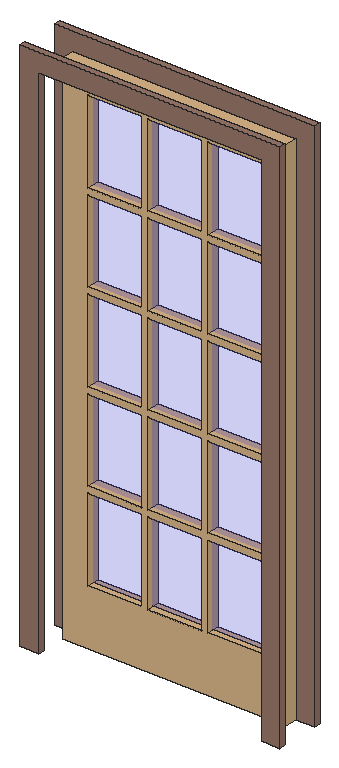
Revit family "0079_M_DR_W_sliding-fixed-panel 2", category 문, Revit 2026
Family settings
  호스트 = 벽
  항상 수직 = 예
  로드될 때 보이드를 사용하여 절단 = 아니오
  공유 = 아니오
  룸 계산 점 = 아니오
Parameters (values of type "36" x 84"")
  두께 = 0' - 2"
  기능 = 내부
  Muntin = 0' - 1"
  조합 코드 = "C1020"
  Door Material = Door - Panel
  Frame Material = Door - Frame
  Height = 7' - 0"
  Rail Width - Base = 0' - 9"
  Rail Width - Top = 0' - 4"
  Stile Width - Hinge = 0' - 4"
  Stile Width - Latch = 0' - 4"
  Trim Projection Ext = 0' - 1"
  Trim Projection Int = 0' - 1"
  Trim Width = 0' - 3"
  벽 마무리 = 호스트별
  Width = 3' - 0"
Types (8): name | 두께 | Muntin | 조합 코드 | Height | Rail Width - Base | Rail Width - Top | Stile Width - Hinge | Stile Width - Latch | Trim Projection Ext | Trim Projection Int | Trim Width | Width
  36" x 84" | 0' - 2" | 0' - 1" | "C1020" | 7' - 0" | 0' - 9" | 0' - 4" | 0' - 4" | 0' - 4" | 0' - 1" | 0' - 1" | 0' - 3" | 3' - 0"
  34" x 84" | 0' - 2" | 0' - 1" | "C1020" | 7' - 0" | 0' - 9" | 0' - 4" | 0' - 4" | 0' - 4" | 0' - 1" | 0' - 1" | 0' - 3" | 2' - 10"
  32" x 84" | 0' - 2" | 0' - 1" | "C1020" | 7' - 0" | 0' - 9" | 0' - 4" | 0' - 4" | 0' - 4" | 0' - 1" | 0' - 1" | 0' - 3" | 2' - 8"
  30" x 84" | 0' - 2" | 0' - 1" | "C1020" | 7' - 0" | 0' - 9" | 0' - 4" | 0' - 4" | 0' - 4" | 0' - 1" | 0' - 1" | 0' - 3" | 2' - 6"
  30" x 80" | 0' - 2" | 0' - 1" | "C1020" | 6' - 8" | 0' - 9" | 0' - 4" | 0' - 4" | 0' - 4" | 0' - 1" | 0' - 1" | 0' - 3" | 2' - 6"
  36" x 80" | 0' - 2" | 0' - 1" | "C1020" | 6' - 8" | 0' - 9" | 0' - 4" | 0' - 4" | 0' - 4" | 0' - 1" | 0' - 1" | 0' - 3" | 3' - 0"
  34" x 80" | 0' - 2" | 0' - 1" | "C1020" | 6' - 8" | 0' - 9" | 0' - 4" | 0' - 4" | 0' - 4" | 0' - 1" | 0' - 1" | 0' - 3" | 2' - 10"
  0915 x 2134mm | 0' - 1.9685" | 0' - 0.98425" | 0' - 0" | 7' - 0.01575" | 0' - 9.44882" | 0' - 3.93701" | 0' - 3.93701" | 0' - 3.93701" | 0' - 0.98425" | 0' - 0.98425" | 0' - 2.95276" | 3' - 0.02362"
Reference planes (in)
  plane 1: y = 0
  plane 2: z = 0
  plane 3: x = 0
  plane 4: x = -18
  plane 5: x = 18
  plane 6: z = 84
  plane 7: y = 2.125
  plane 8: z = 80
  plane 9: z = 9
  plane 10: x = -14
  plane 11: x = 14
  plane 12: x = 4.33333
  plane 13: x = -5.33333
  plane 14: x = -15
  plane 15: x = 5.33333
  plane 16: x = -4.33333
  plane 17: z = 66.6
  plane 18: z = 65.6
  plane 19: z = 52.2
  plane 20: z = 51.2
  plane 21: z = 37.8
  plane 22: z = 36.8
  plane 23: z = 23.4
  plane 24: z = 22.4
  plane 25: z = 81
Forms (in)
  Extrusion 1, solid, material "Door - Panel" <- "Door Material"
    sketch origin (0, 0, 0) x (1, 0, 0) y (0, 0, 1)
      loop
        line (-18, 84) -> (-18, 0) -> (18, 0) -> (18, 84) -> (-18, 84)
      loop
        line (14, 80) -> (5.33333, 80) -> (5.33333, 66.6) -> (14, 66.6) -> (14, 80)
      loop
        line (14, 9) -> (14, 22.4) -> (5.33333, 22.4) -> (5.33333, 9) -> (14, 9)
      loop
        line (-14, 80) -> (-14, 66.6) -> (-5.33333, 66.6) -> (-5.33333, 80) -> (-14, 80)
      loop
        line (4.33333, 9) -> (4.33333, 22.4) -> (-4.33333, 22.4) -> (-4.33333, 9) -> (4.33333, 9)
      loop
        line (-4.33333, 80) -> (-4.33333, 66.6) -> (4.33333, 66.6) -> (4.33333, 80) -> (-4.33333, 80)
      loop
        line (14, 65.6) -> (5.33333, 65.6) -> (5.33333, 52.2) -> (14, 52.2) -> (14, 65.6)
      loop
        line (14, 37.8) -> (14, 51.2) -> (5.33333, 51.2) -> (5.33333, 37.8) -> (14, 37.8)
      loop
        line (14, 36.8) -> (5.33333, 36.8) -> (5.33333, 23.4) -> (14, 23.4) -> (14, 36.8)
      loop
        line (-5.33333, 9) -> (-5.33333, 22.4) -> (-14, 22.4) -> (-14, 9) -> (-5.33333, 9)
      loop
        line (-14, 36.8) -> (-14, 23.4) -> (-5.33333, 23.4) -> (-5.33333, 36.8) -> (-14, 36.8)
      loop
        line (4.33333, 23.4) -> (4.33333, 36.8) -> (-4.33333, 36.8) -> (-4.33333, 23.4) -> (4.33333, 23.4)
      loop
        line (4.33333, 37.8) -> (4.33333, 51.2) -> (-4.33333, 51.2) -> (-4.33333, 37.8) -> (4.33333, 37.8)
      loop
        line (-5.33333, 37.8) -> (-5.33333, 51.2) -> (-14, 51.2) -> (-14, 37.8) -> (-5.33333, 37.8)
      loop
        line (4.33333, 52.2) -> (4.33333, 65.6) -> (-4.33333, 65.6) -> (-4.33333, 52.2) -> (4.33333, 52.2)
      loop
        line (-5.33333, 52.2) -> (-5.33333, 65.6) -> (-14, 65.6) -> (-14, 52.2) -> (-5.33333, 52.2)
    from -3 to -1
  Extrusion 2, solid, material "Glass"
    sketch origin (0, 0, 0) x (1, 0, 0) y (0, 0, 1)
      loop
        line (14, 80) -> (-14, 80) -> (-14, 9) -> (14, 9) -> (14, 80)
    from -1.875 to -2.125
  Extrusion 3, solid, material "Door - Frame" <- "Frame Material"
    sketch origin (-84.47493, 3, 0) x (-1, 0, 0) y (0, 0, 1)
      loop
        line (-102.47493, 0) -> (-102.47493, 84) -> (-66.47493, 84) -> (-66.47493, 0) -> (-63.47493, 0) -> (-63.47493, 87) -> (-105.47493, 87) -> (-105.47493, 0) -> (-102.47493, 0)
    from 0 to 1
  Extrusion 4, solid, material "Door - Frame" <- "Frame Material"
    sketch origin (-84.47493, -3, 0) x (1, 0, 0) y (0, 0, 1)
      loop
        line (102.47493, 0) -> (105.47493, 0) -> (105.47493, 87) -> (63.47493, 87) -> (63.47493, 0) -> (66.47493, 0) -> (66.47493, 84) -> (102.47493, 84) -> (102.47493, 0)
    from 0 to 1
Lines and regions (in)
  Opening 1
    outline origin (-60, -3, 144) x (0, 0, -1) y (1, 0, 0)
      loop
        line (60, 42) -> (144, 42) -> (144, 78) -> (60, 78) -> (60, 42)
  symbolic lines, style "DoorsGlassProjection"
    curve 1: line (14, 0, 80) -> (14, 0, 9)
    curve 2: line (14, 0, 80) -> (-14, 0, 80)
    curve 3: line (-14, 0, 80) -> (-14, 0, 9)
    curve 4: line (14, 0, 9) -> (-14, 0, 9)
    curve 13: line (-14, 2, 0) -> (14, 2, 0)
  symbolic lines, style "DoorsPanelProjection"
    curve 5: line (-18, 3, 0) -> (-14, 3, 0)
    curve 6: line (-18, 1, 0) -> (-18, 3, 0)
    curve 7: line (-14, 1, 0) -> (-18, 1, 0)
    curve 8: line (-14, 3, 0) -> (-14, 1, 0)
    curve 9: line (14, 3, 0) -> (18, 3, 0)
    curve 10: line (14, 1, 0) -> (14, 3, 0)
    curve 11: line (18, 1, 0) -> (14, 1, 0)
    curve 12: line (18, 3, 0) -> (18, 1, 0)
Dimensions and locks (in)
  equal spacing: plane 4, plane 3, plane 5
  "Width": plane 4 to plane 5
  control icon elem to host wall = 1' - 6"
  control icon elem to plane 5 = 1' - 0"
  "Height": plane 6 to plane 2
  "Trim Width": Extrusion 3 sketch curve to Extrusion 1  (x3)
  "Trim Width": plane 4 to Extrusion 4 sketch curve
  "Trim Width": plane 5 to Extrusion 4 sketch curve
  "Trim Width": plane 6 to Extrusion 4 sketch curve
  "Trim Projection Int": Extrusion 4 to Extrusion 4
  locked: host wall to Extrusion 3
  locked: host wall to Extrusion 1
  "두께": Extrusion 1 to host wall
  "Trim Projection Ext": Extrusion 3 to host wall
  locked: host wall to plane 7 at 0.875
  locked: Extrusion 2 to Extrusion 2 at 0.25
  "Stile Width - Hinge": plane 11 to plane 5
  "Stile Width - Latch": plane 10 to plane 4
  "Rail Width - Base": plane 2 to plane 9
  "Rail Width - Top": plane 8 to plane 6
  equal spacing: plane 11, plane 12, plane 13, plane 14
  "Muntin": plane 10 to plane 14
  "Muntin": plane 16 to plane 13
  "Muntin": plane 15 to plane 12
  "Muntin": plane 8 to plane 25
  "Muntin": plane 18 to plane 17
  "Muntin": plane 20 to plane 19
  "Muntin": plane 22 to plane 21
  "Muntin": plane 24 to plane 23
  equal spacing: plane 9, plane 23, plane 21, plane 19, plane 17, plane 25
  aligned and locked: curve 1 to Extrusion 1 sketch curve
  aligned and locked: Extrusion 1 sketch curve to curve 1
  aligned and locked: curve 2 to Extrusion 2 sketch curve
  aligned and locked: curve 1 to Extrusion 2 sketch curve
  aligned and locked: Extrusion 2 sketch curve to curve 2
  aligned and locked: Extrusion 2 sketch curve to curve 1
  aligned and locked: host wall to Extrusion 1  (x3)
  aligned and locked: plane 6 to Extrusion 3 sketch curve
  aligned and locked: Extrusion 3 sketch curve to plane 2
  aligned and locked: plane 2 to Extrusion 3 sketch curve
  aligned and locked: plane 5 to Extrusion 3 sketch curve
  aligned and locked: Extrusion 3 to host wall  (x3)
  aligned and locked: plane 6 to Extrusion 4 sketch curve
  aligned and locked: plane 2 to Extrusion 4 sketch curve  (x2)
  aligned and locked: level to Extrusion 4 sketch curve
  aligned and locked: Extrusion 4 to host wall
  aligned and locked: Extrusion 3 sketch curve to Extrusion 1
  aligned and locked: Extrusion 4 sketch curve to Extrusion 1
  aligned and locked: Extrusion 1 to Extrusion 4 sketch curve
  aligned and locked: Extrusion 2 to plane 7
  aligned and locked: Extrusion 1 sketch curve to plane 11
  aligned and locked: Extrusion 1 sketch curve to plane 10
  aligned and locked: Extrusion 1 sketch curve to plane 12
  aligned and locked: plane 15 to Extrusion 1 sketch curve
  aligned and locked: plane 13 to Extrusion 1 sketch curve
  aligned and locked: plane 16 to Extrusion 1 sketch curve
  aligned and locked: plane 23 to Extrusion 1 sketch curve
  aligned and locked: plane 24 to Extrusion 1 sketch curve
  aligned and locked: plane 22 to Extrusion 1 sketch curve
  aligned and locked: plane 21 to Extrusion 1 sketch curve
  aligned and locked: plane 18 to Extrusion 1 sketch curve
  aligned and locked: Extrusion 1 sketch curve to plane 17
  aligned and locked: Extrusion 1 sketch curve to Extrusion 1 sketch curve  (x2)
  aligned and locked: host wall to curve 5
  aligned and locked: curve 5 to Extrusion 1
  aligned and locked: curve 8 to Extrusion 1  (x2)
  aligned and locked: curve 11 to Extrusion 1
  aligned and locked: plane 11 to curve 10
  aligned and locked: plane 5 to curve 12
  aligned and locked: curve 9 to host wall
Automatic sketch dimensions
  Opening 1 sketch curve to plane 6 = 0' - 0"
  Opening 1 sketch curve to level = 0' - 0"
  Opening 1 sketch curve to plane 4 = 0' - 0"
  Opening 1 sketch curve to plane 5 = 0' - 0"
  Extrusion 4 sketch curve to plane 5 = 0' - 0"
  curve 3 to plane 10 = 0' - 0"
  curve 2 to plane 11 = 0' - 0"
  curve 2 to plane 8 = 0' - 0"
  curve 3 to plane 9 = 0' - 0"
  Extrusion 1 sketch curve to level = 0' - 0"
  Extrusion 1 sketch curve to plane 4 = 0' - 0"
  Extrusion 1 sketch curve to plane 10 = 0' - 0"  (x4)
  Extrusion 1 sketch curve to plane 13 = 0' - 0"  (x4)
  Extrusion 1 sketch curve to plane 9 = 0' - 0"  (x2)
  Extrusion 1 sketch curve to plane 16 = 0' - 0"  (x4)
  Extrusion 1 sketch curve to plane 12 = 0' - 0"  (x4)
  Extrusion 1 sketch curve to plane 15 = 0' - 0"  (x4)
  Extrusion 1 sketch curve to plane 11 = 0' - 0"  (x4)
  Extrusion 1 sketch curve to plane 5 = 0' - 0"
  Extrusion 1 sketch curve to plane 24 = 0' - 0"  (x2)
  Extrusion 1 sketch curve to plane 23 = 0' - 0"  (x2)
  Extrusion 1 sketch curve to plane 22 = 0' - 0"  (x2)
  Extrusion 1 sketch curve to plane 21 = 0' - 0"  (x2)
  Extrusion 1 sketch curve to plane 20 = 0' - 0"  (x3)
  Extrusion 1 sketch curve to plane 19 = 0' - 0"  (x3)
  Extrusion 1 sketch curve to plane 18 = 0' - 0"  (x2)
  Extrusion 1 sketch curve to plane 8 = 0' - 0"  (x2)
  Extrusion 1 sketch curve to plane 6 = 0' - 0"
  plane 7 to curve 13 = 0' - 0 1/8"
